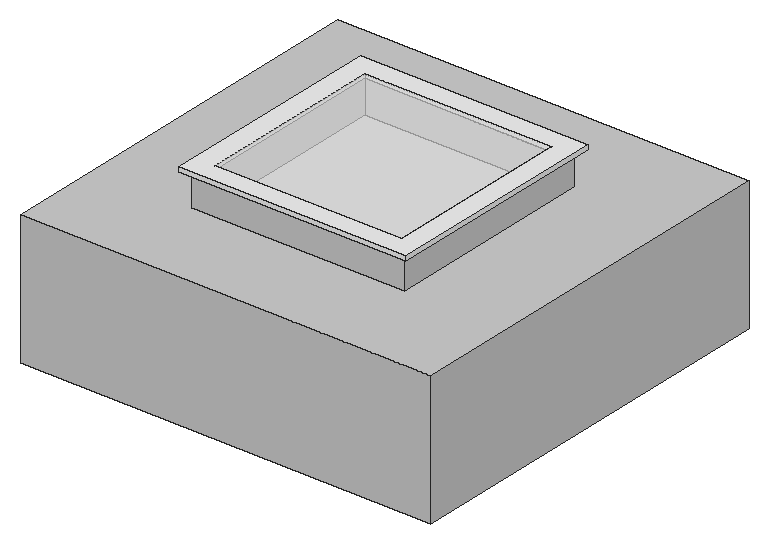
Revit family "Lighting-Recessed-Amerlux-E475SLW", category Lighting Fixtures, host Face, Revit 2014
Parameters (values of type "Trim")
  Width = 10 1/16"
  Wattage = 9.2903 W
  built-in parameter 1150110 = 1 (stored number, unit not read)
  Voltage = 0 V
  URL = "http://www.amerlux.com/"
  Trim Size = 5 3/4"
  Trim [instance] = yes
  built-in parameter 1114217 = 1 (stored number, unit not read)
  Tilt Angle = -90.00°
  built-in parameter 1150109 = 1 (stored number, unit not read)
  built-in parameter 1150134 = 3
  built-in parameter 1150113 = 1 (stored number, unit not read)
  Power Factor = 1
  Photometric Web File = "generic"
  Number of Poles = 1
  built-in parameter 1150142 = (empty or 0)
  Model Number = ""
  Model = "E475SLW"
  Manufacturer = "Amerlux"
  built-in parameter 1150105 = 109.82 (stored number, unit not read)
  Lumens = 1380 lm
  built-in parameter 1150115 = 1 (stored number, unit not read)
  built-in parameter 1150137 = (empty or 0)
  built-in parameter 1150139 = (empty or 0)
  Length = 14 1/2"
  built-in parameter 1150112 = 1 (stored number, unit not read)
  built-in parameter 1150114 = 1 (stored number, unit not read)
  Lamp = "LED"
  built-in parameter 1150132 = (empty or 0)
  built-in parameter 1150102 = (empty or 0)
  built-in parameter 1150107 = 3200 (stored number, unit not read)
  built-in parameter 1150138 = (empty or 0)
  built-in parameter 1150106 = 1.0982 (stored number, unit not read)
  Height = 4 3/16"
  Emit from Rectangle Width = Aperture Size  # 4 3/4"
  Emit from Rectangle Length = Aperture Size  # 4 3/4"
  Emit Shape Visible in Rendering = no
  built-in parameter 1150104 = 13.8 (stored number, unit not read)
  Dimming Lamp Color Temperature Shift = <None>
  Dimming = ""
  Description = "4.5\" Square Lens Wallwash"
  Default Elevation = 48"
  Color Filter = 16777215
  built-in parameter 1114218 = 1 (stored number, unit not read)
  built-in parameter 1150133 = 10 (stored number, unit not read)
  Apparent Load = 0 VA
  Aperture Size = 4 3/4"
Types (3): name | Trim
  (no name) | yes
  Trimless | no
  Trim | yes
Reference planes (in)
  plane 1 "Center (Front/Back)": y = 0
  plane 2: z = 0
  plane 3 "Center (Left/Right)": x = 0
  plane 4: x = -7.25
  plane 5: x = 7.25
  plane 6: z = -4.1875
  plane 7: y = 5.03125
  plane 8: y = -5.03125
Forms (in)
  Extrusion 1, solid, material "Housing"
    sketch origin (0, 0, 0) x (1, 0, 0) y (0, 1, 0)
      loop
        line (-5.16548, 5.03125) -> (-5.16548, -5.03125) -> (5.22568, -5.03125) -> (5.22568, 5.03125) -> (-5.16548, 5.03125)
    from -4.1875 to -0.8255
  Extrusion 2, void
    sketch origin (0, 0, 0) x (1, 0, 0) y (0, 1, 0)
      loop
        line (-2.375, 2.375) -> (-2.375, -2.375) -> (2.375, -2.375) -> (2.375, 2.375) -> (-2.375, 2.375)
    from -0.8255 to 0.08709
  Extrusion 3, solid, material "Trim Finish", visible <- "Trim"
    sketch origin (0, 0, 0) x (1, 0, 0) y (0, 1, 0)
      loop
        line (-2.375, 2.375) -> (-2.375, -2.375) -> (2.375, -2.375) -> (2.375, 2.375) -> (-2.375, 2.375)
      loop
        line (-2.875, 2.875) -> (-2.875, -2.875) -> (2.875, -2.875) -> (2.875, 2.875) -> (-2.875, 2.875)
    from 0 to 0.10768
  Extrusion 4, solid, material "Housing"
    sketch origin (0, 0, 0) x (1, 0, 0) y (0, 1, 0)
      loop
        line (-2.375, 2.375) -> (-2.375, -2.375) -> (2.375, -2.375) -> (2.375, 2.375) -> (-2.375, 2.375)
      loop
        line (-2.6875, 2.6875) -> (-2.6875, -2.6875) -> (2.6875, -2.6875) -> (2.6875, 2.6875) -> (-2.6875, 2.6875)
    from -0.8255 to 0
  Extrusion 5, solid, material "Lens"
    sketch origin (0, 0, 0) x (1, 0, 0) y (0, 1, 0)
      loop
        line (-2.375, 2.375) -> (-2.375, -2.375) -> (2.375, -2.375) -> (2.375, 2.375) -> (-2.375, 2.375)
    from 0 to 0.10768
Dimensions and locks (in)
  "Height": plane 6 to host face
  "Length": plane 4 to plane 5
  equal spacing: plane 7, plane 1 "Center (Front/Back)", plane 8
  equal spacing: plane 4, plane 3 "Center (Left/Right)", plane 5
  "Width": plane 7 to plane 8
  equal spacing: Extrusion 3 sketch curve, plane 1 "Center (Front/Back)", Extrusion 3 sketch curve  (x2)
  equal spacing: Extrusion 3 sketch curve, plane 3 "Center (Left/Right)", Extrusion 3 sketch curve  (x2)
  "Aperture Size": Extrusion 3 sketch curve to Extrusion 3 sketch curve  (x2)
  "Trim Size": Extrusion 3 sketch curve to Extrusion 3 sketch curve  (x2)
  locked: Extrusion 3 to Extrusion 4 sketch curve at 0.3125  (x3)
  locked: Extrusion 4 sketch curve to Extrusion 3 at 0.3125
  equal spacing: Extrusion 3, plane 3 "Center (Left/Right)", Extrusion 3
  "Aperture Size": Extrusion 4 sketch curve to Extrusion 4 sketch curve  (x2)
  equal spacing: Extrusion 3, plane 1 "Center (Front/Back)", Extrusion 3
  aligned and locked: plane 2 to host face
  aligned and locked: level to host face
  aligned and locked: Extrusion 1 to plane 6
  aligned and locked: Extrusion 1 to plane 8
  aligned and locked: plane 7 to Extrusion 1
  aligned and locked: Extrusion 4 sketch curve to Extrusion 3  (x2)
  aligned and locked: Extrusion 4 to Extrusion 1
  aligned and locked: level to Extrusion 4
  aligned and locked: Extrusion 2 sketch curve to Extrusion 3  (x4)
  aligned and locked: Extrusion 5 sketch curve to Extrusion 3  (x3)
Automatic sketch dimensions
  host sketch curve to host sketch curve = 54.51167"
  host sketch curve to host sketch curve = 52.40009"
  plane 4 to Extrusion 1 sketch curve = 2.08452"
  Extrusion 1 sketch curve to plane 5 = 2.02432"
  Extrusion 1 sketch curve to plane 8 = 0"
  Extrusion 1 sketch curve to plane 7 = 0"
  plane 3 "Center (Left/Right)" to Extrusion 5 sketch curve = 2 3/8"
Connectors (in)
  electrical at (0.0301, 0, -4.1875), driven by "Number of Poles", driven by "Voltage", driven by "Apparent Load", driven by "Power Factor"
    settings: on Extrusion 1, index 1, voltage 0 V, apparent load 0 VA, apparent load phase1 0 VA, apparent load phase2 0 VA, apparent load phase3 0 VA, power factor 1, load classification "Other", number of poles 1, system type 31, power factor state 1, is connector primary yes, connector utility no, sub classification motor no, connector description "Power"
